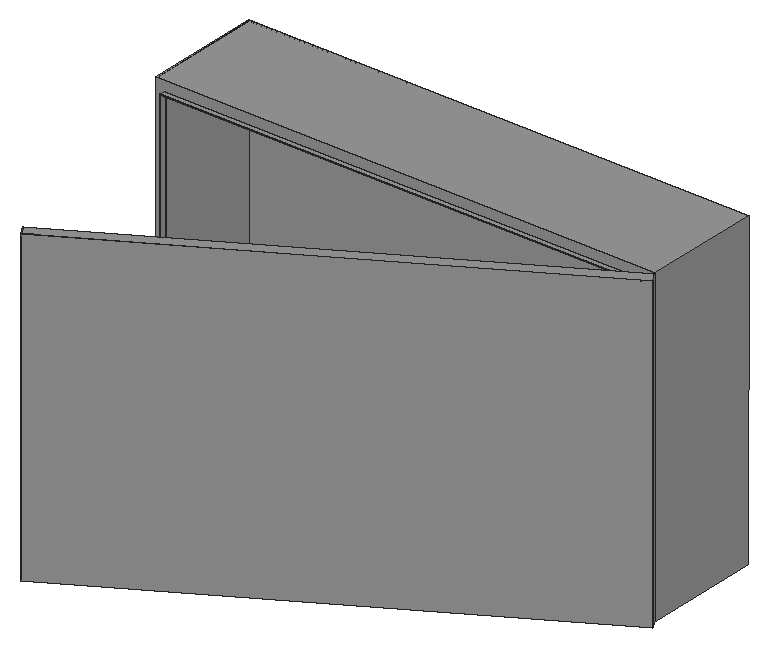
Revit family "Hager-Univers-IP44-D205-H500-Cl.I-Encl-NoHosted-CH-de", category Equipement électrique, Revit 2020
Family settings
  Configuration du panneau = Deux colonnes, circuits au sein
  Cote de connecteur circulaire = Utiliser le diamètre
  Type d'élément = Tableau de raccordement
  Basée sur le plan de construction = Oui
  Toujours verticalement = Oui
  Couper avec des vides une fois chargée = Non
  Partagée = Non
  Point de calcul de pièce = Non
Parameters (values of type "Aufputz IP44 B800 H500 T205  - FP33TN2")
  Width Control [instance] = if([EF000008 - Breite] > Min Width, [EF000008 - Breite], Min Width)  # 800 mm
  Commentaires du type = [HG000003 - Bereich]  # "Univers"
  Thickness Door [instance] = if([EF009171 - Materialstärke Tür/Deckel] > 3 mm, 3 mm, [EF009171 - Materialstärke Tür/Deckel])  # 1 mm
  Seal Frame Offset [instance] = 17 mm  # constant formula
  Plinth Visibility [instance] = [HG000027 - Sockelhöhe] > 0 mm  # no
  Min Width [instance] = 100 mm  # constant formula
  Min Depth [instance] = (2 * [EF009170 - Materialstärke Gehäuse]) + 1 mm  # 3 mm
  Min Height [instance] = 100 mm  # constant formula
  Internal Frame Depth [instance] = (Door System Depth * 0.5)  # 9 mm
  Panel Name [instance] = ""  # (empty or 0)
  Model = ""
  HG000027 - Sockelhöhe = 0 mm
  HG000026 - Stehend auf dem Boden = no
  HG000024 - Höhe des unteren Teils = 600 mm
  HG000023 - Gehäuse mit doppeltem Querschnitt = no
  HG000016 - 3D-Türsichtbarkeit [instance] = yes
  HG000015 - Sichtbarkeit der Türöffnung [instance] = no
  HG000014 - Tür rechts [instance] = yes
  HG000013 - Tür links [instance] = not([HG000014 - Tür rechts])  # no
  HG000012 - Türschwenkwinkel [instance] = 30.00°
  HG000010 - Asymmetrische Türen = no
  HG000009 - Doppelflügeligen Tür = no
  HG000006 - Unterputz = no
  HG000004 - Herstellerreferenz = "FP33TN2"
  HG000003 - Bereich = "Univers"
  HG000002 - Mit tür = yes
  Frame Offset Bottom [instance] = 10 mm  # constant formula
  Frame Offset [instance] = 15 mm  # constant formula
  EF015940 - Deckel mit Überdruckentlastung = no
  EF011959 - Schutzart (NEMA) = ""
  EF009554 - Anzahl der Öffnungen für Flanschplatten = 6
  EF009212 - Ausführung Deckel = "EV000116 - geschlossen"
  EF009171 - Materialstärke Tür/Deckel = 1 mm
  EF009170 - Materialstärke Gehäuse = 1 mm
  EF008873 - Nennstrom (In) = 250 A
  EF007800 - Geeignet für Blitzschutz = no
  EF006306 - Mit Schloss = no
  EF006244 - Transparenter Deckel/Tür = no
  EF005474 - Schutzart (IP) = "EV006418 - IP44"
  EF004464 - Art der Tür = "EV002646 - Einzel"
  EF004427 - Anzahl der Module = 108
  EF004293 - Schlagfestigkeit = "EV006815 - IK09"
  EF003532 - Geeignet für Außengebrauch = no
  EF002950 - Breite in Teilungseinheiten = 36
  EF001613 - Funktionserhalt = "EV000494 - ohne"
  EF001596 - Werkstoff des Gehäuses = "EV000179 - Stahl"
  EF001131 - Innentiefe = 205 mm
  EF001088 - Anbaumöglichkeit = yes
  EF000437 - Anzahl der Leitungseinführungen = 6
  EF000339 - Art der Abdeckung = "EV001012 - Deckel"
  EF000266 - Anzahl der Reihen = 3
  EF000218 - Einbautiefe = 205 mm
  EF000118 - Mit Montageplatte = no
  EF000116 - RAL-Nummer = "9010"
  EF000049 - Tiefe = 205 mm
  EF000040 - Höhe = 500 mm
  EF000008 - Breite = 800 mm
  EF000007 - Farbe = "EV000202 - weiß"
  EF000003 - Montageart = "EV000384 - Aufputz"
  Door System Leaf Tolerance [instance] = 1.5 mm  # constant formula
  Door System Depth [instance] = 18 mm  # constant formula
  Door Height [instance] = Height Control - [HG000027 - Sockelhöhe]  # 500 mm
  Description = ""
  Default Elevation = 1219.2 mm
  Connector Offset [instance] = Height Control / 2  # 250 mm
  Fabricant = "Hager"  # constant formula
  Height Control [instance] = if([EF000040 - Höhe] > Min Height, [EF000040 - Höhe], Min Height)  # 500 mm
  Depth Control [instance] = if([EF000049 - Tiefe] > Min Depth, [EF000049 - Tiefe], Min Depth)  # 205 mm
  Bottom Top Plate Trim [instance] = 1.5 mm  # constant formula
  Plinth height Ctrl [instance] = if([HG000027 - Sockelhöhe] > 0 mm, [HG000027 - Sockelhöhe], 12 mm)  # 12 mm
Types (10, lengths in mm): name | Width Control | HG000010 - Asymmetrische Türen | HG000009 - Doppelflügeligen Tür | HG000004 - Herstellerreferenz | EF009554 - Anzahl der Öffnungen für Flanschplatten | EF004464 - Art der Tür | EF004427 - Anzahl der Module | EF002950 - Breite in Teilungseinheiten | EF000437 - Anzahl der Leitungseinführungen | EF000218 - Einbautiefe | EF000008 - Breite
  Aufputz IP44 B1050 H500 T205  - FP34QT | 1050 | no | no | "FP34QT" | 8 | "EV003602 - Doppel" | 144 | 48 | 8 | 0 | 1050
  Aufputz IP44 B1050 H500 T205  - FP34TN2 | 1050 | no | yes | "FP34TN2" | 8 | "EV003602 - Doppel" | 144 | 48 | 8 | 205 | 1050
  Aufputz IP44 B1300 H500 T205  - FP35QT | 1300 | no | no | "FP35QT" | 10 | "EV003602 - Doppel" | 180 | 60 | 10 | 0 | 1300
  Aufputz IP44 B1300 H500 T205  - FP35TN2 | 1300 | yes | yes | "FP35TN2" | 10 | "EV003602 - Doppel" | 180 | 60 | 10 | 205 | 1300
  Aufputz IP44 B300 H500 T205  - FP31QT | 300 | no | no | "FP31QT" | 2 | "EV002646 - Einzel" | 36 | 12 | 2 | 0 | 300
  Aufputz IP44 B300 H500 T205  - FP31TN2 | 300 | no | no | "FP31TN2" | 2 | "EV002646 - Einzel" | 36 | 12 | 2 | 205 | 300
  Aufputz IP44 B550 H500 T205  - FP32QT | 550 | no | no | "FP32QT" | 4 | "EV002646 - Einzel" | 72 | 24 | 4 | 0 | 550
  Aufputz IP44 B550 H500 T205  - FP32TN2 | 550 | no | no | "FP32TN2" | 4 | "EV002646 - Einzel" | 72 | 24 | 4 | 205 | 550
  Aufputz IP44 B800 H500 T205  - FP33QT | 800 | no | no | "FP33QT" | 6 | "EV002646 - Einzel" | 108 | 36 | 6 | 0 | 800
  Aufputz IP44 B800 H500 T205  - FP33TN2 | 800 | no | no | "FP33TN2" | 6 | "EV002646 - Einzel" | 108 | 36 | 6 | 205 | 800
Reference planes
  plane 1 "Center (Front/Back)": y = 0
  plane 2: z = 0
  plane 3 "Center (Left/Right)": x = 0
  plane 4: y = 0
  plane 5: y = 0
  plane 6: z = 0
  plane 7: x = -400
  plane 8: x = 400
  plane 9: x = 399
  plane 10: x = -399
  plane 11: z = 0
  plane 12: z = 1
  plane 13: y = -205
  plane 14: y = -1
  plane 15: x = 0
  plane 16: y = -187
  plane 17: y = -204
  plane 18: y = -186
  plane 19: x = -384
  plane 20: x = 384
  plane 21: z = 11
  plane 22: x = -383
  plane 23: x = 383
  plane 24: z = 0
  plane 25: z = 500
  plane 26: z = 500
  plane 27: z = 484
  plane 28: z = 499
Forms (mm)
  Extrusion 1, solid, material "Hager_Steel_RAL7035_Light_Grey", detail levels medium+fine
    sketch origin (-208.679, -4572, 0) x (-1, 0, 0) y (0, -1, 0)
      loop
        line (191.321, -4385) -> (-608.679, -4385) -> (-608.679, -4572) -> (191.321, -4572) -> (191.321, -4385)
    from 0 to 500
  Extrusion 2, void
    sketch origin (-350.771, -205, 1219.2) x (1, 0, 0) y (0, 0, 1)
      loop
        line (-48.229, -720.2) -> (-48.229, -1218.2) -> (749.771, -1218.2) -> (749.771, -720.2) -> (-48.229, -720.2)
    from -19 to -204
  Extrusion 3, void
    sketch origin (-290.084, -187, 1219.2) x (1, 0, 0) y (0, 0, 1)
      loop
        line (-93.916, -1208.2) -> (674.084, -1208.2) -> (674.084, -735.2) -> (-93.916, -735.2) -> (-93.916, -1208.2)
    from 0 to -1
  Extrusion 4, solid, material "Hager_Steel_RAL7035_Light_Grey", visible <- "Plinth Visibility", detail levels medium+fine
    sketch origin (0, 0, 0) x (1, 0, 0) y (0, 1, 0)
      loop
        line (-400, 0) -> (-400, -187) -> (400, -187) -> (400, 0) -> (-400, 0)
    from 0 to 12 <- "Plinth height Ctrl"
  Extrusion 5, solid, material "Hager_Steel_RAL7035_Light_Grey", detail levels coarse
    sketch origin (0, 0, 0) x (1, 0, 0) y (0, 1, 0)
      loop
        line (-400, 0) -> (-400, -205) -> (400, -205) -> (400, 0) -> (-400, 0)
    from 0 to 500 <- "Height Control"
  Sweep 6, void
    path in 3D
      loop
        line (-400, -187, 12) -> (400, -187, 12) -> (400, 0, 12) -> (-400, 0, 12) -> (-400, -187, 12)
    profile origin (-400, -93.5, 12) x (1, 0, 0) y (0, 0, 1)
      loop
        line (0, 0) -> (0, -1.5) -> (1.5, -1.5)
        arc (1.5, -1.5) -> (1.061, -0.439) -> (0, 0) r 1.5
  Extrusion 7, solid, material "Hager_Steel_RAL7035_Light_Grey", detail levels fine
    sketch origin (-400, -187, 0) x (1, 0, 0) y (0, 0, 1)
      loop
        line (16, 11) -> (784, 11) -> (784, 484) -> (16, 484) -> (16, 11)
      loop
        line (15, 10) -> (785, 10) -> (785, 485) -> (15, 485) -> (15, 10)
    from 0 to 9 <- "Internal Frame Depth"
Cuts and joins
  Extrusion 2, Extrusion 3 cuts Extrusion 1
  Sweep 6 cuts Extrusion 4
Lines and regions (mm)
  Masking region 1
    outline origin (0, 0, 0) x (1, 0, 0) y (0, 1, 0)
      loop
        line (-400, 0) -> (-400, -205) -> (400, -205) -> (400, 0) -> (-400, 0)
  Masking region 2, detail levels coarse
    outline origin (-290.084, -187, 1219.2) x (-1, 0, 0) y (0, 0, 1)
      loop
        line (-690.084, -1219.2) -> (109.916, -1219.2) -> (109.916, -719.2) -> (-690.084, -719.2) -> (-690.084, -1219.2)
  Masking region 3, detail levels coarse
    outline origin (0, 0, 0) x (0, 1, 0) y (0, 0, 1)
      loop
        line (0, 0) -> (0, 500) -> (-205, 500) -> (-205, 0) -> (0, 0)
  Masking region 4, visible <- "Plinth Visibility", detail levels medium+fine
    outline origin (0, 0, 0) x (0, 1, 0) y (0, 0, 1)
      loop
        line (-1.5, 12) -> (-185.5, 12)
        arc (-185.5, 12) -> (-185.939, 10.939) -> (-187, 10.5) r 1.5
        line (-187, 10.5) -> (-187, 0) -> (0, 0) -> (0, 10.5)
        arc (0, 10.5) -> (-1.061, 10.939) -> (-1.5, 12) r 1.5
  Masking region 5, detail levels medium+fine
    outline origin (0, 0, 594.038) x (0, 1, 0) y (0, 0, 1)
      loop
        line (0, -594.038) -> (0, -94.038) -> (-187, -94.038) -> (-187, -594.038) -> (0, -594.038)
  Masking region 6, detail levels medium+fine
    outline origin (-359.7, -187, 1211.883) x (-1, 0, 0) y (0, 0, 1)
      loop
        line (-759.7, -1211.883) -> (40.3, -1211.883) -> (40.3, -711.883) -> (-759.7, -711.883) -> (-759.7, -1211.883)
  Masking region 7, visible <- "Plinth Visibility", detail levels medium+fine
    outline origin (-320.334, -187, 1041.368) x (-1, 0, 0) y (0, 0, 1)
      loop
        line (-720.334, -1041.368) -> (79.666, -1041.368) -> (79.666, -1030.868)
        arc (79.666, -1030.868) -> (78.606, -1030.429) -> (78.166, -1029.368) r 1.5
        line (78.166, -1029.368) -> (-718.834, -1029.368)
        arc (-718.834, -1029.368) -> (-719.273, -1030.429) -> (-720.334, -1030.868) r 1.5
        line (-720.334, -1030.868) -> (-720.334, -1041.368)
  sketch lines
    curve 1: line (-400, 0, 12) -> (-400, -187, 12)
    curve 2: line (-400, -187, 12) -> (400, -187, 12)
    curve 3: line (400, 0, 12) -> (-400, 0, 12)
    curve 4: line (400, -187, 12) -> (400, 0, 12)
Dimensions and locks
  locked: plane 1 "Center (Front/Back)" to plane 5
  "EF009170 - Materialstärke Gehäuse": plane 7 to plane 10
  "EF009170 - Materialstärke Gehäuse": plane 8 to plane 9
  equal spacing: plane 7, plane 3 "Center (Left/Right)", plane 8
  "Width Control": plane 7 to plane 8
  "Depth Control": plane 4 to plane 13
  "EF009170 - Materialstärke Gehäuse": plane 4 to plane 14
  "Height Control": plane 25 to level
  "HG000027 - Sockelhöhe": plane 11 to level
  "EF009170 - Materialstärke Gehäuse": plane 12 to plane 11
  "EF009170 - Materialstärke Gehäuse": plane 17 to plane 13
  "EF009170 - Materialstärke Gehäuse": plane 18 to plane 16
  "Frame Offset Bottom": plane 21 to plane 12
  "Frame Offset": plane 10 to plane 19
  "Frame Offset": plane 9 to plane 20
  "Door System Depth": plane 16 to plane 13
  "Seal Frame Offset": plane 7 to plane 22
  "Seal Frame Offset": plane 8 to plane 23
  "EF009170 - Materialstärke Gehäuse": plane 26 to plane 28
  "Frame Offset": plane 28 to plane 27
  "Connector Offset": plane 2 to connector elem
  "Bottom Top Plate Trim": profile plane to Sweep 6 sketch curve
  "Bottom Top Plate Trim": Sweep 6 sketch curve to Sweep 6 sketch curve
  "Plinth height Ctrl": Masking region 4 sketch curve to level
  "Plinth height Ctrl": Masking region 7 sketch curve to level
  "Thickness Door": Extrusion 7 sketch curve to Extrusion 7 sketch curve  (x4)
  "Bottom Top Plate Trim": radius of Sweep 6 sketch curve
  "Bottom Top Plate Trim": radius of Masking region 4 sketch curve  (x2)
  "Bottom Top Plate Trim": radius of Masking region 7 sketch curve  (x2)
  aligned and locked: Extrusion 2 sketch curve to plane 12
  aligned and locked: Extrusion 2 sketch curve to plane 9
  aligned and locked: Extrusion 2 sketch curve to plane 10
  aligned and locked: Extrusion 2 to plane 14
  aligned and locked: Extrusion 1 sketch curve to plane 4
  aligned and locked: plane 8 to Extrusion 1 sketch curve
  aligned and locked: plane 7 to Extrusion 1 sketch curve
  aligned and locked: Extrusion 2 to plane 18
  aligned and locked: plane 19 to Extrusion 3 sketch curve
  aligned and locked: plane 20 to Extrusion 3 sketch curve
  aligned and locked: Extrusion 3 to Extrusion 2
  aligned and locked: Extrusion 3 sketch curve to plane 21
  aligned and locked: plane 3 "Center (Left/Right)" to nested 1
  aligned and locked: Extrusion 1 sketch curve to plane 16
  aligned and locked: Extrusion 4 sketch curve to cut or joined group of Extrusion 1, Extrusion 2, Extrusion 3
  aligned and locked: Masking region 1 sketch curve to plane 7
  aligned and locked: Masking region 1 sketch curve to plane 5
  aligned and locked: Masking region 1 sketch curve to plane 8
  aligned and locked: Masking region 2 sketch curve to level
  aligned and locked: level to Masking region 3 sketch curve
  aligned and locked: plane 1 "Center (Front/Back)" to Masking region 3 sketch curve
  aligned and locked: plane 13 to Masking region 3 sketch curve
  aligned and locked: plane 5 to Masking region 4 sketch curve
  aligned and locked: Masking region 2 sketch curve to plane 8
  aligned and locked: Masking region 2 sketch curve to plane 7
  aligned and locked: plane 7 to nested 2
  aligned and locked: nested 2 to plane 5
  aligned and locked: plane 5 to Masking region 5 sketch curve
  aligned and locked: plane 26 to Masking region 5 sketch curve
  aligned and locked: Extrusion 5 sketch curve to plane 8
  aligned and locked: Extrusion 5 sketch curve to plane 7
  aligned and locked: Extrusion 5 sketch curve to plane 5
  aligned and locked: Extrusion 3 sketch curve to plane 27
  aligned and locked: Extrusion 2 sketch curve to plane 28
  aligned and locked: Masking region 2 to plane 25
  aligned and locked: Extrusion 4 to plane 16
  aligned and locked: profile plane to Sweep 6 sketch curve
  aligned and locked: Masking region 5 sketch curve to plane 24
  aligned and locked: level to Masking region 4 sketch curve
  aligned and locked: Masking region 1 to plane 13
  aligned and locked: nested 1 to plane 16
  aligned and locked: Masking region 3 to plane 25
  aligned and locked: plane 16 to Masking region 4 sketch curve
  aligned and locked: Masking region 5 sketch curve to plane 16
  aligned and locked: plane 24 to plane 11
  aligned and locked: plane 26 to plane 25
  aligned and locked: plane 26 to cut or joined group of Extrusion 1, Extrusion 2, Extrusion 3
  aligned and locked: nested 1 to plane 24
  aligned and locked: Extrusion 1 to Extrusion 3
  aligned and locked: Masking region 6 sketch curve to plane 8
  aligned and locked: Masking region 6 sketch curve to plane 24
  aligned and locked: Masking region 6 sketch curve to plane 7
  aligned and locked: Masking region 6 sketch curve to plane 26
  aligned and locked: Masking region 7 sketch curve to plane 7
  aligned and locked: level to Masking region 7 sketch curve
  aligned and locked: Masking region 7 sketch curve to plane 8
  aligned and locked: Extrusion 7 sketch curve to cut or joined group of Extrusion 1, Extrusion 2, Extrusion 3  (x4)
Automatic sketch dimensions
  plane 19 to Extrusion 3 sketch curve = 0 mm
  Extrusion 3 sketch curve to plane 20 = 0 mm
  Extrusion 3 sketch curve to plane 21 = 0 mm
  Extrusion 4 sketch curve to plane 7 = 0 mm
  Extrusion 4 sketch curve to plane 8 = 0 mm
  Extrusion 4 sketch curve to plane 16 = 0 mm
  Masking region 1 sketch curve to plane 13 = 0 mm
  Masking region 2 sketch curve to plane 25 = 0 mm
  Masking region 3 sketch curve to plane 25 = 0 mm
  Extrusion 5 sketch curve to plane 13 = 0 mm
  profile plane to Sweep 6 sketch curve = 0 mm
Nested families
  nested 1: "EC000058_Univers_Door" at (0, -187, 0), Double <- "HG000009 - Doppelflügeligen Tür", Transparent <- "EF006244 - Transparenter Deckel/Tür", Angle <- "HG000012 - Türschwenkwinkel", Door_Right <- "HG000014 - Tür rechts", Assymetrical <- "HG000010 - Asymmetrische Türen", Door <- "HG000002 - Mit tür", Width_Ctrl <- "Width Control", 3d_Door <- "HG000016 - 3D-Türsichtbarkeit", Clearance <- "HG000015 - Sichtbarkeit der Türöffnung", Door_Left <- "HG000013 - Tür links", Width <- "Width Control", Door_Depth <- "Door System Depth", Leaf_Tolerance <- "Door System Leaf Tolerance", Height <- "Door Height", Lock_Visibility <- "EF006306 - Mit Schloss", Thickness <- "Thickness Door", type "EC000058_Univers_Door", detail levels medium+fine
    with min_wh 3 mm, Width_Ctrl 800 mm, Width 800 mm, Transparent no, Thickness 1 mm, Seal_Material Hager_Rubber, Lock_Visibility no, Lock_Material Hager_Plastic_RAL9005_Jet_Black, Leaf_Width 800 mm, Leaf_Tolerance_External_Sides 0 mm, Leaf_Tolerance 1.5 mm, Leaf_Offset 0 mm, Leaf_Height 497 mm, Leaf_2_Width 800 mm, Leaf_2_Offset 400 mm, Leaf_1_Width 800 mm, Leaf_1_Offset 400 mm, Height_Ctrl 500 mm, Height 500 mm, Glass_Material Hager_Glass, Double_Clearance_Ctrl no, Double no, Door_Right_Ctrl yes, Door_Right yes, Door_Material Hager_Steel_RAL7035_Light_Grey, Door_Left_Ctrl no, Door_Left no, Door_Depth 18 mm, Door yes, Clearance_Material Hager_Clearance, Clearance_Depth 800 mm, Clearance_Ctrl no, Clearance no, Assymetrical no, Angle 30.00°, 3d_Door yes
  nested 2: "Hager_Enclosure_Symbol" at (-400, 0, 0), Height <- "Depth Control", Width <- "Width Control", type "Hager_Enclosure_Symbol"
    with Width_Ctrl 800 mm, Width 800 mm, Height_Ctrl 205 mm, Height 205 mm, A_Width_Int 13.453 mm, A_Width 161.438 mm, A_Height_Ctrl 179.375 mm, A_Height 179.375 mm
Connectors
  electrical at (0, 0, 250)
    settings: on plane 1 "Center (Front/Back)", index 1, voltage 0 V, apparent load 0 VA, apparent load phase1 0 VA, apparent load phase2 0 VA, apparent load phase3 0 VA, power factor 1, load classification "Other", number of poles 1, system type 30, power factor state 1, is connector primary yes, connector utility no, sub classification motor no, connector description ""
Definition of nested family "EC000058_Univers_Door"
  Parameters (values of type "EC000058_Univers_Door")
    min_wh [instance] = (2 * Thickness) + 1 mm  # 11 mm
    Width_Ctrl [instance] = 400 mm
    Width [instance] = 500 mm
    Transparent [instance] = yes
    Thickness [instance] = 5 mm
    Seal_Material [instance] = none
    Lock_Visibility [instance] = yes
    Lock_Material [instance] = none
    Leaf_Width [instance] = if((Width_Ctrl - 2 * Leaf_Tolerance_External_Sides) > 0 mm, (Width_Ctrl - 2 * Leaf_Tolerance_External_Sides), min_wh)  # 400 mm
    Leaf_Tolerance_External_Sides [instance] = 0 mm  # constant formula
    Leaf_Tolerance [instance] = 1.5 mm
    Leaf_Offset [instance] = 0 mm  # constant formula
    Leaf_Height [instance] = if((Height_Ctrl - 2 * Leaf_Tolerance) > 0 mm, (Height_Ctrl - 2 * Leaf_Tolerance), min_wh)  # 497 mm
    Leaf_2_Width [instance] = if(and(and(Double, Assymetrical), Door_Left), (Leaf_Width / 3) - (Leaf_Tolerance / 2), if(and(and(Double, Assymetrical), Door_Right), (Leaf_Width / 3) * 2 - (Leaf_Tolerance / 2), if(and(Double, not(Assymetrical)), (Leaf_Width / 2) - Leaf_Tolerance, Leaf_Width)))  # 400 mm
    Leaf_2_Offset [instance] = if(and(Double, Assymetrical), Leaf_2_Width / 2, if(and(Double, not(Assymetrical)), Leaf_Width / 4, Leaf_Width / 2))  # 200 mm
    Leaf_1_Width [instance] = if(and(and(Double, Assymetrical), Door_Right), (Leaf_Width / 3) - (Leaf_Tolerance / 2), if(and(and(Double, Assymetrical), Door_Left), (Width / 3) * 2 - (Leaf_Tolerance / 2), if(and(Double, not(Assymetrical)), (Leaf_Width / 2) - Leaf_Tolerance, Leaf_Width)))  # 400 mm
    Leaf_1_Offset [instance] = if(and(Double, Assymetrical), Leaf_1_Width / 2, if(and(Double, not(Assymetrical)), Leaf_Width / 4, Leaf_Width / 2))  # 200 mm
    Height_Ctrl [instance] = if(Height > min_wh, Height, min_wh)  # 500 mm
    Height [instance] = 500 mm
    Glass_Material [instance] = none
    Double_Clearance_Ctrl [instance] = and(Double, Clearance)  # no
    Double [instance] = no
    Door_Right_Ctrl [instance] = and(or(Door_Right, Double), Door)  # yes
    Door_Right [instance] = yes
    Door_Material [instance] = none
    Door_Left_Ctrl [instance] = and(or(Door_Left, Double), Door)  # no
    Door_Left [instance] = no
    Door_Depth [instance] = 30 mm
    Door [instance] = yes
    Default Elevation = 1219.2 mm
    Clearance_Material [instance] = none
    Clearance_Depth [instance] = if(Leaf_1_Width > Leaf_2_Width, Leaf_1_Width, Leaf_2_Width)  # 400 mm
    Clearance_Ctrl [instance] = and(not(Double), Clearance)  # yes
    Clearance [instance] = yes
    Assymetrical [instance] = yes
    Angle [instance] = 30.00°
    3d_Door [instance] = yes
  Reference planes
    plane 1 "Center (Front/Back)": y = 0
    plane 2 "Bottom": z = 0
    plane 3 "Center (Left/Right)": x = 0
    plane 4: z = 500
    plane 5: x = -200
    plane 6: x = 200
    plane 7: z = 500
    plane 8: x = -200
    plane 9: z = 0
    plane 10: x = 200
    plane 11: y = 0
    plane 12: z = 1.5
    plane 13: x = -600
    plane 14: y = -400
    plane 15: x = 600
    plane 16: x = 0
    plane 17: x = 0
    plane 18: x = -200
    plane 19: x = 200
    plane 20: z = 498.5
  Forms (mm)
    Extrusion 1, solid, material <- "Clearance_Material", visible <- "Double_Clearance_Ctrl"
      sketch origin (1200, 0, 0) x (1, 0, 0) y (0, 0, -1)
        loop
          line (-1800, -498.5) -> (-600, -498.5) -> (-600, 0) -> (-1800, 0) -> (-1800, -498.5)
      from 0 to -400
  Dimensions and locks
    equal spacing: plane 5, plane 3 "Center (Left/Right)", plane 6
    "Width_Ctrl": plane 5 to plane 6
    "Leaf_Offset": plane 5 to plane 8
    "Leaf_Offset": plane 6 to plane 10
    "Leaf_Offset": plane 9 to level
    "Leaf_Offset": plane 4 to plane 7
    "Height_Ctrl": plane 4 to level
    "Leaf_Tolerance": plane 12 to plane 9
    locked: plane 11 to plane 1 "Center (Front/Back)"
    "Leaf_1_Offset": plane 18 to plane 16
    "Leaf_2_Offset": plane 17 to plane 19
    "Leaf_1_Width": plane 13 to plane 8
    "Leaf_2_Width": plane 10 to plane 15
    "Clearance_Depth": plane 14 to plane 1 "Center (Front/Back)"
    "Leaf_Tolerance_External_Sides": plane 8 to plane 18
    "Leaf_Tolerance_External_Sides": plane 19 to plane 10
    "Leaf_Tolerance": plane 7 to plane 20
    aligned and locked: level to plane 2 "Bottom"
    aligned and locked: nested 1 to plane 16
    aligned and locked: nested 2 to plane 17
    aligned and locked: Extrusion 1 to plane 13
    aligned and locked: plane 15 to Extrusion 1
    aligned and locked: Extrusion 1 to plane 14
    aligned and locked: plane 12 to nested 1
    aligned and locked: nested 2 to plane 12
    aligned and locked: Extrusion 1 to plane 11
    aligned and locked: plane 20 to Extrusion 1
    aligned and locked: nested 2 to plane 11
    aligned and locked: nested 1 to plane 11
  Automatic sketch dimensions
    Extrusion 1 sketch curve to level = 0 mm
    plane 5 to Extrusion 1 sketch curve = 400 mm
    plane 6 to Extrusion 1 sketch curve = 400 mm
    Extrusion 1 sketch curve to plane 4 = 1.5 mm
  Nested families
    nested 1: "EC000058_Univers_Door_Leaf" at (0, 0, 1.5), Width <- "Leaf_1_Width", visible <- "Door_Left_Ctrl", Leaf_Height <- "Leaf_Height", Angle <- "Angle", 3d_Door <- "3d_Door", Transparent <- "Transparent", Clearance Material <- "Clearance_Material", Clearance <- "Clearance_Ctrl", Door_Material <- "Door_Material", Glass_Material <- "Glass_Material", Door_Depth <- "Door_Depth", Lock_Material <- "Lock_Material", Seal_Material <- "Seal_Material", Lock_Visibility <- "Lock_Visibility", Thickness <- "Thickness", type "EC000058_Univers_Door_Leaf"
      with Width 400 mm, Transparent_Glass_Offset 30 mm, Transparent_Ctrl yes, Transparent yes, Thickness 5 mm, Standard no, Seal_Material none, Seal_D2 8 mm, Seal_D1 1 mm, Offset_Internal_Frame 10 mm, Lock_Width 20 mm, Lock_Visibility_3d yes, Lock_Visibility yes, Lock_Thickness_3 3 mm, Lock_Thickness_2 1 mm, Lock_Thickness_1 3 mm, Lock_Radius_Offset_2 16 mm, Lock_Radius_Offset_1 15 mm, Lock_Radius_2 5 mm, Lock_Radius 6 mm, Lock_Offset 5 mm, Lock_Material none, Lock_Height 80 mm, Lock_Cover_Top_Offset_2d 17 mm, Lock_Cover_Height -65 mm, Leaf_Height 497 mm, Internal_Seal_Thickness 8 mm, Internal_Seal_Depth_2 4.5 mm, Internal_Frame_Depth 25 mm, Glass_Thickness -1 mm, Glass_Offset -2 mm, Glass_Material none, Door_Material none, Door_Depth 30 mm, Clearance Material none, Clearance yes, Angle_Ctrl 30.00°, Angle 30.00°, 3d_Door yes
    nested 2: "EC000058_Univers_Door_Leaf" at (0, 0, 1.5) x (-1, 0, 0) z (0, 0, 1), Width <- "Leaf_2_Width", visible <- "Door_Right_Ctrl", Leaf_Height <- "Leaf_Height", Angle <- "Angle", 3d_Door <- "3d_Door", Transparent <- "Transparent", Clearance Material <- "Clearance_Material", Clearance <- "Clearance_Ctrl", Door_Material <- "Door_Material", Glass_Material <- "Glass_Material", Door_Depth <- "Door_Depth", Lock_Material <- "Lock_Material", Seal_Material <- "Seal_Material", Lock_Visibility <- "Lock_Visibility", Thickness <- "Thickness", type "EC000058_Univers_Door_Leaf"
      with Width 400 mm, Transparent_Glass_Offset 30 mm, Transparent_Ctrl yes, Transparent yes, Thickness 5 mm, Standard no, Seal_Material none, Seal_D2 8 mm, Seal_D1 1 mm, Offset_Internal_Frame 10 mm, Lock_Width 20 mm, Lock_Visibility_3d yes, Lock_Visibility yes, Lock_Thickness_3 3 mm, Lock_Thickness_2 1 mm, Lock_Thickness_1 3 mm, Lock_Radius_Offset_2 16 mm, Lock_Radius_Offset_1 15 mm, Lock_Radius_2 5 mm, Lock_Radius 6 mm, Lock_Offset 5 mm, Lock_Material none, Lock_Height 80 mm, Lock_Cover_Top_Offset_2d 17 mm, Lock_Cover_Height -65 mm, Leaf_Height 497 mm, Internal_Seal_Thickness 8 mm, Internal_Seal_Depth_2 4.5 mm, Internal_Frame_Depth 25 mm, Glass_Thickness -1 mm, Glass_Offset -2 mm, Glass_Material none, Door_Material none, Door_Depth 30 mm, Clearance Material none, Clearance yes, Angle_Ctrl 30.00°, Angle 30.00°, 3d_Door yes
  Definition of nested family "EC000058_Univers_Door_Leaf"
    Parameters (values of type "EC000058_Univers_Door_Leaf")
      Width [instance] = 2000 mm
      Transparent_Glass_Offset [instance] = 30 mm
      Transparent_Ctrl [instance] = and(Transparent, [3d_Door])  # yes
      Transparent [instance] = yes
      Thickness [instance] = 5 mm
      Standard [instance] = and(not(Transparent), [3d_Door])  # no
      Seal_Material [instance] = none
      Seal_D2 [instance] = 8 mm  # constant formula
      Seal_D1 [instance] = 1 mm  # constant formula
      Offset_Internal_Frame [instance] = 10 mm  # constant formula
      Lock_Width [instance] = 20 mm  # constant formula
      Lock_Visibility_3d [instance] = and(Lock_Visibility, [3d_Door])  # yes
      Lock_Visibility [instance] = yes
      Lock_Thickness_3 [instance] = 3 mm  # constant formula
      Lock_Thickness_2 [instance] = 1 mm  # constant formula
      Lock_Thickness_1 [instance] = 3 mm  # constant formula
      Lock_Radius_Offset_2 [instance] = Lock_Radius_Offset_1 + 1 mm  # 16 mm
      Lock_Radius_Offset_1 [instance] = 15 mm  # constant formula
      Lock_Radius_2 [instance] = Lock_Radius - 1 mm  # 5 mm
      Lock_Radius [instance] = 6 mm  # constant formula
      Lock_Offset [instance] = 5 mm  # constant formula
      Lock_Material [instance] = none
      Lock_Height [instance] = 80 mm  # constant formula
      Lock_Cover_Top_Offset_2d [instance] = Lock_Radius_Offset_2 + 1 mm  # 17 mm
      Lock_Cover_Height [instance] = -(Lock_Height - Lock_Radius_Offset_1)  # -65 mm
      Leaf_Height [instance] = 2720.336 mm
      Internal_Seal_Thickness [instance] = 8 mm  # constant formula
      Internal_Seal_Depth_2 [instance] = 4.5 mm  # constant formula
      Internal_Frame_Depth [instance] = if(Door_Depth - Thickness > 5 mm, Door_Depth - Thickness, 5 mm)  # 25 mm
      Glass_Thickness [instance] = if(Thickness > 15 mm, Glass_Offset + 10 mm, -1 mm)  # -1 mm
      Glass_Offset [instance] = if(Thickness > 15 mm, -(Thickness + 10 mm) / 2, -2 mm)  # -2 mm
      Glass_Material [instance] = none
      Door_Material [instance] = none
      Door_Depth [instance] = 30 mm
      Default Elevation = 0 mm
      Clearance Material [instance] = none
      Clearance [instance] = yes
      Angle_Ctrl [instance] = if(Angle > 180.00°, 180.00°, Angle)  # 90.00°
      Angle [instance] = 90.00°
      3d_Door [instance] = yes
    Reference planes
      plane 1 "Center (Front/Back)": y = 0
      plane 2: z = 0
      plane 3 "Center (Left/Right)": x = 0
      plane 4: y = 2000
      plane 5: x = -1000
      plane 6: x = 1000
      plane 7: x = -3000
      plane 8: z = 2720.336
      plane 9: z = 30
      plane 10: z = 2690.336
      plane 11: x = 970
      plane 12: x = -970
      plane 13: y = -3
      plane 14: z = 107.833
      plane 15: y = -5
      plane 16: y = -223.314
      plane 17: x = -1000
      plane 18: z = 1360.168
      plane 19: y = 30
    Forms (mm)
      Extrusion 1, solid, material <- "Clearance Material", visible <- "Clearance"
        sketch origin (0, 0, 0) x (1, 0, 0) y (0, 0, 1)
          loop
            line (-3000, 2720.336) -> (-3000, 0) -> (1000, 0) -> (1000, 2720.336) -> (-3000, 2720.336)
        from 0 to -2000
      Extrusion 2, solid, material <- "Door_Material", visible <- "Standard", detail levels medium+fine
        sketch origin (-1000, 0, 0) x (0, 1, 0) y (-1, 0, 0)
          loop
            line (0, 30) -> (0, 25) -> (2000, 25) -> (2000, 30) -> (0, 30)
        from 0 to 2720.336 <- "Leaf_Height"
      Extrusion 3, solid, material <- "Door_Material", visible <- "Transparent_Ctrl", detail levels medium+fine
        sketch origin (-1000, 0, 0) x (0, 1, 0) y (-1, 0, 0)
          loop
            line (0, 25) -> (2000, 25) -> (2000, 30) -> (0, 30) -> (0, 25)
        from 0 to 2720.336 <- "Leaf_Height"
      Extrusion 4, void
        sketch origin (-1025, 2000, 0) x (0, 1, 0) y (0, 0, -1)
          loop
            line (-30, -2690.336) -> (-30, -30) -> (-1970, -30) -> (-1970, -2690.336) -> (-30, -2690.336)
        from 0 to 5 <- "Thickness"
      Sweep 5, solid, material <- "Seal_Material", visible <- "Transparent_Ctrl", detail levels fine
        path in 3D
          loop
            line (-1025, 30, 30) -> (-1025, 30, 2690.336) -> (-1025, 1970, 2690.336) -> (-1025, 1970, 30) -> (-1025, 30, 30)
        profile origin (-1025, 1000, 30) x (1, 0, 0) y (0, 0, 1)
          loop
            line (0, 0) -> (0, -8) -> (1, -8) -> (1, 0) -> (0, 0)
      Extrusion 6, solid, material <- "Glass_Material", visible <- "Transparent_Ctrl", detail levels medium+fine
        sketch origin (-1030, 0, 0) x (0, 1, 0) y (0, 0, -1)
          loop
            line (1970, -2690.336) -> (1970, -30) -> (30, -30) -> (30, -2690.336) -> (1970, -2690.336)
        from -2 <- "Glass_Offset" to -1 <- "Glass_Thickness"
      Extrusion 7, solid, material <- "Door_Material", visible <- "3d_Door", detail levels medium+fine
        sketch origin (-1025, 2000, 0) x (0, -1, 0) y (0, 0, -1)
          loop
            line (0, -2720.336) -> (2000, -2720.336) -> (2000, 0) -> (0, 0) -> (0, -2720.336)
          loop
            line (1995, -5) -> (5, -5) -> (5, -2715.336) -> (1995, -2715.336) -> (1995, -5)
        from 0 to 25 <- "Internal_Frame_Depth"
      Sweep 8, solid, material <- "Seal_Material", visible <- "Transparent_Ctrl", detail levels fine
        path in 3D
          loop
            line (-1025, 0, 0) -> (-1025, 2000, 0) -> (-1025, 2000, 2720.336) -> (-1025, 0, 2720.336) -> (-1025, 0, 0)
        profile origin (-1025, 0, 1360.168) x (1, 0, 0) y (0, 1, 0)
          loop
            line (0, 10) -> (2.975, 10)
            arc (2.975, 10) -> (4.053, 10.447) -> (4.5, 11.525) r 1.525
            line (4.5, 11.525) -> (4.5, 16.527)
            arc (4.5, 16.527) -> (4.069, 17.569) -> (3.027, 18) r 1.473
            line (3.027, 18) -> (0, 18) -> (0, 10)
      Extrusion 9, solid, material <- "Lock_Material", visible <- "Lock_Visibility_3d", detail levels fine
        sketch origin (-1030, 0, 0) x (0, 1, 0) y (0, 0, -1)
          loop
            arc (1993.5, -1400.168) -> (1994.561, -1399.729) -> (1995, -1398.668) r 1.5
            line (1995, -1398.668) -> (1995, -1320.168) -> (1975, -1320.168) -> (1975, -1398.668)
            arc (1975, -1398.668) -> (1975.439, -1399.729) -> (1976.5, -1400.168) r 1.5
            line (1976.5, -1400.168) -> (1993.5, -1400.168)
        from 3 <- "Lock_Thickness_1" to 0
      Blend 10, solid, material <- "Lock_Material", visible <- "Lock_Visibility_3d", detail levels fine
        base sketch origin (-1033, 0, 0) x (0, 1, 0) y (0, 0, -1)
          loop
            line (1975, -1320.168) -> (1975, -1398.668)
            arc (1975, -1398.668) -> (1975.439, -1399.729) -> (1976.5, -1400.168) r 1.5
            line (1976.5, -1400.168) -> (1993.5, -1400.168)
            arc (1993.5, -1400.168) -> (1994.561, -1399.729) -> (1995, -1398.668) r 1.5
            line (1995, -1398.668) -> (1995, -1320.168) -> (1975, -1320.168)
        top sketch origin (-1033, 0, 0) x (0, 1, 0) y (0, 0, -1)
          loop
            line (1976, -1320.168) -> (1976, -1398.668)
            arc (1976, -1398.668) -> (1976.146, -1399.022) -> (1976.5, -1399.168) r 0.5
            line (1976.5, -1399.168) -> (1993.5, -1399.168)
            arc (1993.5, -1399.168) -> (1993.854, -1399.022) -> (1994, -1398.668) r 0.5
            line (1994, -1398.668) -> (1994, -1320.168) -> (1976, -1320.168)
        from 0 to 1 <- "Lock_Thickness_2"
      Blend 11, solid, material <- "Lock_Material", visible <- "Lock_Visibility_3d", detail levels fine
        base sketch origin (-1034, 0, 0) x (0, 1, 0) y (0, 0, -1)
          loop
            line (1978, -1320.168) -> (1978, -1384.168)
            arc (1978, -1384.168) -> (1985, -1391.168) -> (1992, -1384.168) r 7
            line (1992, -1384.168) -> (1992, -1320.168) -> (1978, -1320.168)
        top sketch origin (-1034, 0, 0) x (0, 1, 0) y (0, 0, -1)
          loop
            line (1991, -1320.168) -> (1979, -1320.168) -> (1979, -1383.168)
            arc (1979, -1383.168) -> (1985, -1389.168) -> (1991, -1383.168) r 6
            line (1991, -1383.168) -> (1991, -1320.168)
        from 0 to 3 <- "Lock_Thickness_3"
      Extrusion 12, solid, material <- "Lock_Material", visible <- "Lock_Visibility_3d", detail levels fine
        sketch origin (-1030, 1975, 1320.168) x (1, 0, 0) y (0, -1, 0)
          loop
            line (-7, -19) -> (-7, -1) -> (0, -1) -> (0, 0) -> (-8, 0) -> (-8, -20) -> (0, -20) -> (0, -19) -> (-7, -19)
        from 0 to -65 <- "Lock_Cover_Height"
      Extrusion 13, void
        sketch origin (-1038, 1995, 1320.168) x (-1, 0, 0) y (0, 0, -1)
          loop
            line (-5, -65) -> (0, -65) -> (-5, -60) -> (-5, -65)
        from 0 to 20 <- "Lock_Width"
      Extrusion 14, void
        sketch origin (-1038, 1975, 1320.168) x (0, -1, 0) y (0, 0, -1)
          loop
            circle (-10, -15.995) r 6
          loop
            circle (-10, -15.995) r 5
        from 0 to 2
      Extrusion 15, solid, material <- "Lock_Material", visible <- "Lock_Visibility_3d", detail levels medium
        sketch origin (-1030, 0, 0) x (0, 1, 0) y (0, 0, -1)
          loop
            arc (1993.5, -1400.168) -> (1994.561, -1399.729) -> (1995, -1398.668) r 1.5
            line (1995, -1398.668) -> (1995, -1320.168) -> (1975, -1320.168) -> (1975, -1398.668)
            arc (1975, -1398.668) -> (1975.439, -1399.729) -> (1976.5, -1400.168) r 1.5
            line (1976.5, -1400.168) -> (1993.5, -1400.168)
        from 8 to 0
    Cuts and joins
      Extrusion 4 cuts Extrusion 3
      Extrusion 13, Extrusion 14 cuts Extrusion 9
      Extrusion 14 cuts Blend 11
      Extrusion 13, Extrusion 14 cuts Extrusion 12
      joined: Extrusion 9, Blend 10, Blend 11, Extrusion 12
      Extrusion 14 cuts Extrusion 15
    Lines and regions (mm)
      Masking region 1, visible <- "Lock_Visibility", detail levels fine
        outline origin (0, 0, 0) x (0, 1, 0) y (0, 0, 1)
          loop
            line (30, 1320.168) -> (33, 1320.168) -> (33, 1400.168) -> (30, 1400.168) -> (30, 1320.168)
      Masking region 2, visible <- "Lock_Visibility", detail levels fine
        outline origin (0, 3.143, 0) x (0, 1, 0) y (0, 0, 1)
          loop
            line (29.857, 1354.168) -> (30.857, 1354.168) -> (30.857, 1366.168) -> (29.857, 1366.168) -> (29.857, 1354.168)
      Masking region 3, detail levels medium+fine
        outline origin (0, 0, 0) x (0, 1, 0) y (0, 0, 1)
          loop
            line (0, 0) -> (30, 0) -> (30, 2720.336) -> (0, 2720.336) -> (0, 0)
      Masking region 4, detail levels medium+fine
        outline origin (0, 0, 0) x (1, 0, 0) y (0, 0, 1)
          loop
            line (-1000, 2720.336) -> (-1000, 0) -> (1000, 0) -> (1000, 2720.336) -> (-1000, 2720.336)
      Masking region 5, visible <- "Lock_Visibility", detail levels fine
        outline origin (-47.116, 0, 0) x (1, 0, 0) y (0, 0, 1)
          loop
            arc (1024.616, 1399.168) -> (1023.556, 1398.729) -> (1023.116, 1397.668) r 1.5
            line (1023.116, 1397.668) -> (1023.116, 1320.168) -> (1041.116, 1320.168) -> (1041.116, 1397.668)
            arc (1041.116, 1397.668) -> (1040.677, 1398.729) -> (1039.616, 1399.168) r 1.5
            line (1039.616, 1399.168) -> (1024.616, 1399.168)
      Masking region 6, visible <- "Lock_Visibility", detail levels medium+fine
        outline origin (-25, 0, 0) x (1, 0, 0) y (0, 0, 1)
          loop
            arc (1001.5, 1400.168) -> (1000.439, 1399.729) -> (1000, 1398.668) r 1.5
            line (1000, 1398.668) -> (1000, 1320.168) -> (1020, 1320.168) -> (1020, 1398.668)
            arc (1020, 1398.668) -> (1019.561, 1399.729) -> (1018.5, 1400.168) r 1.5
            line (1018.5, 1400.168) -> (1001.5, 1400.168)
      Masking region 7, visible <- "Lock_Visibility", detail levels fine
        outline origin (-73.735, 0, 0) x (1, 0, 0) y (0, 0, 1)
          loop
            line (1051.735, 1382.168) -> (1065.735, 1382.168) -> (1065.735, 1384.168)
            arc (1065.735, 1384.168) -> (1058.735, 1391.168) -> (1051.735, 1384.168) r 7
            line (1051.735, 1384.168) -> (1051.735, 1382.168)
      Masking region 8, visible <- "Lock_Visibility", detail levels fine
        outline origin (-73.735, 0, 0) x (1, 0, 0) y (0, 0, 1)
          loop
            line (1052.735, 1382.168) -> (1064.735, 1382.168) -> (1064.735, 1383.168)
            arc (1064.735, 1383.168) -> (1058.735, 1389.168) -> (1052.735, 1383.168) r 6
            line (1052.735, 1383.168) -> (1052.735, 1382.168)
      Masking region 9, visible <- "Lock_Visibility", detail levels fine
        outline origin (-25, 0, 0) x (1, 0, 0) y (0, 0, 1)
          loop
            line (1020, 1320.168) -> (1020, 1382.168) -> (1000, 1382.168) -> (1000, 1320.168) -> (1020, 1320.168)
      Masking region 10, detail levels medium+fine
        outline origin (0, 0, 0) x (1, 0, 0) y (0, 0, 1)
          loop
            circle (985, 1335.144) r 6
      Masking region 11, detail levels fine
        outline origin (0, 0, 0) x (1, 0, 0) y (0, 0, 1)
          loop
            circle (985, 1335.144) r 5
      Masking region 12, visible <- "Lock_Visibility", detail levels fine
        outline origin (0, 12.767, 0) x (0, 1, 0) y (0, 0, 1)
          loop
            line (20.233, 1320.168) -> (21.233, 1320.168) -> (21.233, 1399.168) -> (20.233, 1400.168) -> (20.233, 1320.168)
      Masking region 13, visible <- "Lock_Visibility", detail levels fine
        outline origin (0, 13.767, -10) x (0, 1, 0) y (0, 0, 1)
          loop
            line (20.233, 1330.168) -> (23.233, 1330.168) -> (23.233, 1399.168) -> (20.233, 1402.168) -> (20.233, 1330.168)
      Masking region 14, visible <- "Lock_Visibility", detail levels fine
        outline origin (0, 12.767, -10) x (0, 1, 0) y (0, 0, 1)
          loop
            line (20.233, 1330.168) -> (25.233, 1330.168) -> (25.233, 1399.305) -> (20.233, 1394.305) -> (20.233, 1330.168)
      Masking region 15, visible <- "Lock_Visibility", detail levels medium
        outline origin (0, 0, 0) x (0, 1, 0) y (0, 0, 1)
          loop
            line (30, 1320.168) -> (38, 1320.168) -> (38, 1400.168) -> (30, 1400.168) -> (30, 1320.168)
      Masking region 16, visible <- "Lock_Visibility", detail levels fine
        outline origin (-1000, 0, 0) x (0, 1, 0) y (-1, 0, 0)
          loop
            line (1975, 30) -> (1995, 30) -> (1995, 38) -> (1975, 38) -> (1975, 30)
          loop
            line (1979, 37) -> (1976, 37) -> (1976, 34) -> (1978, 34) -> (1979, 37)
          loop
            line (1994, 37) -> (1991, 37) -> (1992, 34) -> (1994, 34) -> (1994, 37)
      Masking region 17, visible <- "Lock_Visibility", detail levels medium
        outline origin (-1000, 0, 0) x (0, 1, 0) y (-1, 0, 0)
          loop
            line (1975, 30) -> (1995, 30) -> (1995, 38) -> (1975, 38) -> (1975, 30)
      symbolic lines
        curve 1: line (1000, 0, 0) -> (-3000, 0, 0)
        curve 2: arc (1000, 0, 0) -> (-1000, 2000, 0) -> (-3000, 0, 0) r 2000
        curve 4: line (-1030, 0, 0) -> (-1030, 2000, 0)
      reference lines
        curve 3: line (-1000, 0, 0) -> (-1000, 2000, 0)
      symbolic lines, detail levels medium+fine
        curve 5: line (-1030, 2000, 0) -> (-1025, 2000, 0)
        curve 7: line (-1025, 0, 0) -> (-1030, 0, 0)
        curve 8: line (-1025, 0, 0) -> (-1000, 0, 0)
        curve 9: line (-1000, 0, 0) -> (-1000, 2000, 0)
        curve 10: line (-1000, 2000, 0) -> (-1025, 2000, 0)
      symbolic lines, detail levels fine
        curve 6: line (-1025, 2000, 0) -> (-1025, 0, 0)
      sketch lines
        curve 11: line (-1025, 0, 2720.336) -> (-1025, 0, 0)
        curve 12: line (-1025, 2000, 0) -> (-1025, 0, 0)
        curve 13: line (-1025, 2000, 2720.336) -> (-1025, 2000, 0)
        curve 14: line (-1025, 0, 2720.336) -> (-1025, 2000, 2720.336)
        curve 15: line (-1025, 1970, 30) -> (-1025, 30, 30)
        curve 16: line (-1025, 30, 30) -> (-1025, 30, 2690.336)
        curve 17: line (-1025, 1970, 2690.336) -> (-1025, 1970, 30)
        curve 18: line (-1025, 30, 2690.336) -> (-1025, 1970, 2690.336)
      symbolic lines, visible <- "Transparent", detail levels medium+fine
        curve 19: line (-970, 0, 2690.336) -> (970, 0, 2690.336)
        curve 20: line (-970, 0, 30) -> (-970, 0, 2690.336)
        curve 21: line (970, 0, 30) -> (-970, 0, 30)
        curve 22: line (970, 0, 2690.336) -> (970, 0, 30)
    Dimensions and locks
      "Width": plane 1 "Center (Front/Back)" to plane 4
      equal spacing: plane 5, plane 3 "Center (Left/Right)", plane 6
      "Width": plane 5 to plane 6
      "Width": plane 7 to plane 5
      "Leaf_Height": plane 8 to level
      "Width": curve 5 to curve 3
      "Width": curve 3 to curve 3
      plane 8 to plane 10 = 30 mm
      plane 9 to level = 30 mm
      plane 12 to plane 5 = 30 mm
      plane 6 to plane 11 = 30 mm
      Extrusion 1 to Extrusion 4 sketch curve = 30 mm
      "Transparent_Glass_Offset": curve 3 to Extrusion 4 sketch curve
      "Transparent_Glass_Offset": Extrusion 4 sketch curve to cut or joined group of Extrusion 3, Extrusion 4  (x2)
      cut or joined group of Extrusion 3, Extrusion 4 to Extrusion 6 sketch curve = 30 mm
      "Transparent_Glass_Offset": cut or joined group of Extrusion 3, Extrusion 4 to Extrusion 4 sketch curve
      "Thickness": curve 6 to curve 4
      "Thickness": Extrusion 7 sketch curve to Extrusion 7 sketch curve  (x4)
      "Door_Depth": curve 4 to curve 3
      "Offset_Internal_Frame": profile plane to Sweep 8 sketch curve
      "Internal_Seal_Thickness": Sweep 8 sketch curve to Sweep 8 sketch curve
      "Internal_Seal_Depth_2": profile plane to Sweep 8 sketch curve
      "Seal_D1": profile plane to Sweep 5 sketch curve
      "Seal_D2": profile plane to Sweep 5 sketch curve
      "Thickness": Extrusion 2 sketch curve to Extrusion 2 sketch curve
      equal spacing: Extrusion 9 sketch curve, plane 18, Extrusion 9 sketch curve  (x2)
      equal spacing: Masking region 1 sketch curve, plane 18, Masking region 1 sketch curve
      "Lock_Height": Masking region 1 sketch curve to Masking region 1 sketch curve
      "Lock_Radius": Masking region 2 sketch curve to plane 18 to Masking region 2 sketch curve
      Masking region 2 sketch curve to Masking region 1 = 1 mm
      "Door_Depth": plane 19 to plane 1 "Center (Front/Back)"
      "Lock_Thickness_1": Masking region 1 sketch curve to plane 19
      "Lock_Width": Extrusion 9 sketch curve to Extrusion 9 sketch curve
      "Lock_Height": Extrusion 9 sketch curve to Extrusion 9 sketch curve
      "Lock_Offset": cut or joined group of Extrusion 3, Extrusion 4 to Extrusion 9 sketch curve
      equal spacing: plane 8, plane 18, level
      "Lock_Radius_Offset_1": Blend 11 sketch curve to Blend 10
      locked: Blend 10 to Blend 11 sketch curve at 2  (x2)
      locked: var sketch to Blend 11 sketch curve at 1  (x2)
      "Lock_Radius_Offset_2": Blend 11 sketch curve to Blend 10
      locked: Extrusion 12 sketch curve to Extrusion 12 sketch curve at 1  (x3)
      Masking region 6 sketch curve to Masking region 6 sketch curve = 80 mm
      "Lock_Height": Masking region 6 sketch curve to Masking region 6 sketch curve
      "Lock_Width": Masking region 6 sketch curve to Masking region 6 sketch curve
      locked: Masking region 6 to Masking region 5 sketch curve at 1  (x3)
      locked: Masking region 5 to Masking region 7 sketch curve at 2  (x2)
      "Lock_Radius_Offset_1": Masking region 5 to Masking region 7 sketch curve
      "Lock_Radius_Offset_2": Masking region 5 to Masking region 8 sketch curve
      locked: Masking region 7 to Masking region 8 sketch curve at 1  (x2)
      "Lock_Cover_Top_Offset_2d": Masking region 5 to Masking region 9 sketch curve
      equal spacing: Masking region 9, Masking region 10 sketch curve, Masking region 9
      equal spacing: Masking region 9, Masking region 11 sketch curve, Masking region 9
      Extrusion 15 sketch curve to Extrusion 15 sketch curve = 80 mm
      "Lock_Width": Extrusion 15 sketch curve to Extrusion 15 sketch curve
      "Lock_Height": Extrusion 15 sketch curve to Extrusion 15 sketch curve
      equal spacing: Extrusion 15 sketch curve, plane 18, Extrusion 15 sketch curve
      "Lock_Thickness_3": Masking region 13 sketch curve to Masking region 13 sketch curve
      "Lock_Height": Masking region 12 sketch curve to Masking region 12 sketch curve
      locked: Masking region 13 sketch curve to Masking region 1 at 8
      locked: Masking region 14 sketch curve to Masking region 13 at 1
      locked: Masking region 14 sketch curve to Masking region 1 at 10.863
      "Lock_Height": Masking region 15 sketch curve to Masking region 15 sketch curve
      "Lock_Offset": Extrusion 15 sketch curve to cut or joined group of Extrusion 3, Extrusion 4
      "Lock_Offset": plane 6 to Masking region 6 sketch curve
      radius of Sweep 8 sketch curve = 1.525 mm
      radius of Sweep 8 sketch curve = 1.473 mm
      radius of Extrusion 9 sketch curve = 1.5 mm  (x2)
      "Lock_Radius": radius of Extrusion 14 sketch curve
      "Lock_Radius_2": radius of Extrusion 14 sketch curve
      "Lock_Radius": radius of Masking region 10 sketch curve
      "Lock_Radius_2": radius of Masking region 11 sketch curve
      radius of Extrusion 15 sketch curve = 1.5 mm  (x2)
      "Angle_Ctrl": angle plane 1 "Center (Front/Back)" to curve 3
      locked: Masking region 12 sketch curve to Masking region 12 sketch curve (angle 45.00°)
      locked: Masking region 13 sketch curve to Masking region 13 sketch curve (angle 45.00°)
      locked: Masking region 14 sketch curve to Masking region 14 sketch curve (angle 45.00°)
      aligned and locked: level to plane 2
      aligned and locked: Extrusion 1 to curve 1
      aligned and locked: plane 6 to Extrusion 1
      aligned and locked: Extrusion 1 to plane 1 "Center (Front/Back)"
      aligned and locked: plane 4 to Extrusion 1
      aligned and locked: plane 8 to Extrusion 1
      aligned and locked: curve 7 to Extrusion 2 sketch curve
      aligned and locked: curve 5 to Extrusion 2 sketch curve
      aligned and locked: curve 7 to Extrusion 3 sketch curve
      aligned and locked: Extrusion 3 sketch curve to curve 4
      aligned and locked: Extrusion 3 sketch curve to curve 6
      aligned and locked: Extrusion 3 sketch curve to curve 5
      aligned and locked: curve 9 to curve 3
      aligned and locked: Extrusion 7 sketch curve to cut or joined group of Extrusion 3, Extrusion 4  (x4)
      aligned and locked: plane 17 to curve 3
      aligned and locked: plane 1 "Center (Front/Back)" to curve 3
      aligned and locked: plane 17 to plane 5
      aligned and locked: Sweep 8 sketch curve to profile plane
      aligned and locked: Sweep 5 sketch curve to profile plane  (x2)
      aligned and locked: Masking region 1 to Masking region 2 sketch curve
      aligned and locked: plane 19 to Masking region 1 sketch curve
      aligned and locked: plane 1 "Center (Front/Back)" to Masking region 3 sketch curve
      aligned and locked: plane 19 to Masking region 3 sketch curve
      aligned and locked: level to Masking region 3 sketch curve
      aligned and locked: Masking region 3 sketch curve to plane 8
      aligned and locked: plane 17 to Masking region 4 sketch curve
      aligned and locked: level to Masking region 4 sketch curve
      aligned and locked: Masking region 4 sketch curve to plane 8
      aligned and locked: plane 12 to curve 20
      aligned and locked: plane 10 to curve 19
      aligned and locked: plane 11 to curve 22
      aligned and locked: curve 21 to plane 9
      aligned and locked: Extrusion 2 sketch curve to cut or joined group of Extrusion 3, Extrusion 4
      aligned and locked: Blend 10 sketch curve to Extrusion 9  (x4)
      aligned and locked: Extrusion 9 to Blend 10 sketch curve
      aligned and locked: Blend 10 to Blend 11 sketch curve
      aligned and locked: Extrusion 12 sketch curve to Blend 11
      aligned and locked: Extrusion 12 sketch curve to Extrusion 9  (x4)
      aligned and locked: Masking region 5 sketch curve to Masking region 6
      aligned and locked: Masking region 9 sketch curve to Masking region 6  (x3)
      aligned and locked: Masking region 12 sketch curve to Masking region 1
      aligned and locked: Masking region 13 sketch curve to Masking region 1
      aligned and locked: Masking region 12 to Masking region 14
      aligned and locked: Masking region 14 sketch curve to Masking region 1
      aligned and locked: Masking region 15 sketch curve to Masking region 14
      aligned and locked: Masking region 13 sketch curve to Masking region 12
      aligned and locked: Masking region 16 sketch curve to cut or joined group of Extrusion 14, Extrusion 15  (x4)
      aligned and locked: Masking region 16 sketch curve to cut or joined group of Extrusion 9, Blend 10, Blend 11, Extrusion 12, Extrusion 13, Extrusion 14  (x6)
      aligned and locked: cut or joined group of Extrusion 9, Blend 10, Blend 11, Extrusion 12, Extrusion 13, Extrusion 14 to Masking region 16 sketch curve
      aligned and locked: Masking region 17 sketch curve to cut or joined group of Extrusion 14, Extrusion 15  (x3)
      aligned and locked: Masking region 17 sketch curve to cut or joined group of Extrusion 9, Blend 10, Blend 11, Extrusion 12, Extrusion 13, Extrusion 14
      aligned and locked: Masking region 9 to Masking region 8 sketch curve
      aligned and locked: Masking region 9 to Masking region 7 sketch curve
    Automatic sketch dimensions
      plane 1 "Center (Front/Back)" to curve 2 = 0 mm
      curve 2 to plane 5 = 0 mm
      Extrusion 1 sketch curve to level = 0 mm
      Extrusion 1 sketch curve to plane 7 = 0 mm
      Extrusion 1 sketch curve to plane 6 = 0 mm
      Extrusion 1 sketch curve to plane 8 = 0 mm
      Extrusion 3 to Extrusion 6 sketch curve = 30 mm  (x4)
      Masking region 4 sketch curve to plane 6 = 0 mm
      Blend 10 sketch curve to Extrusion 9 = 1.5 mm
      Blend 10 sketch curve to Extrusion 9 = 1 mm
      Extrusion 13 sketch curve to Extrusion 12 = 0 mm  (x2)
      Extrusion 12 to Extrusion 13 sketch curve = 3 mm
      Extrusion 13 sketch curve to Extrusion 12 = 5 mm
      Extrusion 14 sketch curve to Extrusion 14 sketch curve = 0 mm  (x2)
      Extrusion 14 sketch curve to Extrusion 12 = 10 mm
      Extrusion 14 sketch curve to Extrusion 12 = 15.995 mm
      Masking region 5 sketch curve to Masking region 5 sketch curve = 1.5 mm  (x2)
      Masking region 10 sketch curve to plane 18 = 25.024 mm
      Masking region 11 sketch curve to plane 18 = 25.024 mm
      plane 19 to Masking region 14 sketch curve = 3 mm
      Masking region 16 sketch curve to Masking region 16 sketch curve = 3 mm
      curve 4 to curve 3 = 0 mm
      Blend 10 to Blend 11 sketch curve = 0 mm
      Masking region 6 sketch curve to Masking region 6 sketch curve = 1.5 mm  (x2)
      Masking region 6 sketch curve to plane 18 = 40 mm
      plane 19 to Masking region 12 sketch curve = 3 mm
      Masking region 12 sketch curve to Masking region 12 sketch curve = 1 mm
      Masking region 15 sketch curve to plane 19 = 0 mm
      Masking region 15 sketch curve to plane 18 = 40 mm
      radius of Blend 10 sketch curve to Extrusion 9 = 1 mm
Definition of nested family "Hager_Enclosure_Symbol"
  Parameters (values of type "Hager_Enclosure_Symbol")
    Width_Ctrl [instance] = if(Width > 1 mm, Width, 1 mm)  # 102.27 mm
    Width [instance] = 102.27 mm
    Height_Ctrl [instance] = if(Height > 1 mm, Height, 1 mm)  # 66.5 mm
    A_Width_Int [instance] = if(A_Width / 12 > 2 mm, A_Width / 12, 2 mm)  # 4.364 mm
    A_Width [instance] = if(A_Height_Ctrl * 0.9 > 2 mm, A_Height_Ctrl * 0.9, 2 mm)  # 52.369 mm
    A_Height_Ctrl [instance] = if(A_Height > 2 mm, A_Height, 2 mm)  # 58.188 mm
    Height [instance] = 66.5 mm
    A_Height [instance] = Height - (Height / 8)  # 58.188 mm
  Reference planes
    plane 1 "Centre (avant/arrière)": y = 0
    plane 2: z = 0
    plane 3 "Centre (gauche/droite)": x = 0
    plane 4: x = 52.369
    plane 5: y = 33.042
    plane 6: y = 41.77
    plane 7: y = 66.5
    plane 8: x = 26.184
    plane 9: y = 37.406
    plane 10: x = 102.27
    plane 11: y = 66.5
    plane 12: y = 8.313
  Lines and regions (mm)
    Filled region 1, type "Solid_Black", in view "Niveau de réf."
      outline origin (0, 0, 0) x (1, 0, 0) y (0, 1, 0)
        loop
          line (52.369, 66.5) -> (33.188, 54.536) -> (45.365, 45.006) -> (52.369, 66.5)
    Filled region 2, type "Solid_Black", in view "Niveau de réf."
      outline origin (0, 0, 0) x (1, 0, 0) y (0, 1, 0)
        loop
          line (0, 0) -> (102.27, 0) -> (102.27, 66.5) -> (0, 0)
    detail lines, in view "Niveau de réf."
      curve 1: line (0, 8.313, 0) -> (26.184, 41.77, 0)
      curve 2: line (26.184, 41.77, 0) -> (26.184, 33.042, 0)
      curve 3: line (26.184, 33.042, 0) -> (52.369, 66.5, 0)
  Dimensions and locks
    "A_Width": plane 3 "Centre (gauche/droite)" to plane 4
    equal spacing: plane 3 "Centre (gauche/droite)", plane 8, plane 4
    equal spacing: plane 6, plane 9, plane 5
    equal spacing: curve 3, Filled region 1 sketch curve, Filled region 1 sketch curve
    "Height_Ctrl": plane 1 "Centre (avant/arrière)" to plane 11
    "A_Height_Ctrl": plane 11 to plane 12
    equal spacing: plane 11, plane 9, plane 12
    "A_Width_Int": plane 6 to plane 9
    "Width_Ctrl": plane 3 "Centre (gauche/droite)" to plane 10
    angle Filled region 1 sketch curve to curve 3 = 20.00°
    angle curve 3 to Filled region 1 sketch curve = 20.00°
    locked: curve 3 to Filled region 1 sketch curve (angle 90.00°)
    aligned and locked: plane 10 to Filled region 2
    aligned and locked: plane 11 to Filled region 2 sketch curve
    aligned and locked: plane 10 to Filled region 2 sketch curve
    aligned and locked: plane 3 "Centre (gauche/droite)" to curve 1
    aligned and locked: plane 12 to curve 1
    aligned and locked: plane 7 to plane 11
  Automatic sketch dimensions
    Filled region 1 sketch curve to plane 4 = 0 mm
    Filled region 1 sketch curve to plane 7 = 0 mm
    plane 1 "Centre (avant/arrière)" to Filled region 2 sketch curve = 0 mm
    Filled region 2 sketch curve to plane 3 "Centre (gauche/droite)" = 0 mm
    curve 2 to plane 6 = 0 mm
    curve 2 to plane 8 = 0 mm
    curve 3 to plane 4 = 0 mm
    curve 2 to plane 5 = 0 mm
    curve 3 to plane 7 = 0 mm
